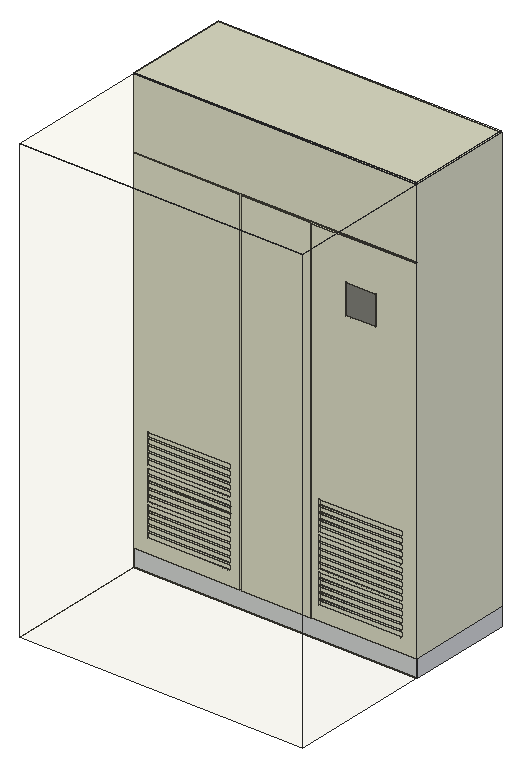
Revit family "FU   Fam-Elektro", category Electrical Fixtures, Revit 2016
Family settings
  Maintain Annotation Orientation = No
  Part Type = Normal
  Round Connector Dimension = Use Diameter
  OmniClass Number = 23.80.00.00
  OmniClass Title = Electric Power and Lighting
  Work Plane-Based = No
  Always vertical = Yes
  Cut with Voids When Loaded = No
  Shared = No
  Room Calculation Point = No
Parameters (values of type "Cabinet VFD G150 1600x 600x2400  IP43")
  socket_sichtbar [instance] = or((socket_100), (socket_200))  # yes
  socket_200 [instance] = no
  socket_100 [instance] = yes
  T = 600 mm
  Product data url = "https://bimobject.com/en-us/siemens/product/sinamics_frequency_converters_g120p_g150"
  Product Guid = "e03dd065-3347-4e71-9716-9838e1e99805"
  Edition number = 1
  Clearance [instance] = yes
  Rated Power / Rated Voltage = "560kW/380-480V & 500-560kW/500-600V & 710-800kW/660V-690V, for Application: Moving, Processing"
  Model = "Cabinet VFD G150 1600x 600x2000  IP43"
  Manufacturer = "Siemens AG"
  IFC Classification = "Electric Distribution"
  Hges [instance] = HU + H  # 2500 mm
  HU [instance] = if(socket_sichtbar, HSo, 0 mm)  # 100 mm
  HSo [instance] = if(socket_200, 200 mm, 100 mm)  # 100 mm
  H = 2400 mm
  Manufacturer = "Siemens AG"
  Cl_r_B [instance] = B + 100 mm + 150 mm + 500 mm  # 2350 mm
  Cl_o_H [instance] = if(H < 2400 mm, 2400 mm - H, 10 mm)  # 10 mm
  Cl_H_T [instance] = 950 mm
  B = 1600 mm
Types (12, lengths in mm): name | Rated Power / Rated Voltage | Model | Hges | H | Cl_r_B | Cl_o_H | B
  Cabinet VFD G150  800x 600x2000  IP20 | "110-160kW/380-480V & 110-200kW/500-600V & 75-315kW/660-690V, for Application: Moving, Processing\r\n110-160kW/380-480V & 110-200kW/500-600V & 75-315kW/660-690V, for Application: Moving, Processing" | "Cabinet VFD G150  800x 600x2000  IP20" | 2100 | 2000 | 1550 | 400 | 800
  Cabinet VFD G150 1000x 600x2000  IP20 | "200-250kW/380-480V,  for Application: Moving, Processing" | "Cabinet VFD G150 1000x 600x2000  IP20" | 2100 | 2000 | 1750 | 400 | 1000
  Cabinet VFD G150 1200x 600x2000  IP20 | "315-450kW/380-480V & 250-400kW/500-600V &400-560kW/660-690V, for Application: Moving, Processing" | "Cabinet VFD G150 1200x 600x2000  IP20" | 2100 | 2000 | 1950 | 400 | 1200
  Cabinet VFD G150 1600x 600x2000  IP20 | "560kW/380-480V & 500-560kW/500-600V & 710-800kW/660V-690V, for Application: Moving, Processing" | "Cabinet VFD G150 1600x 600x2000  IP20" | 2100 | 2000 | 2350 | 400 | 1600
  Cabinet VFD G120P 1000x 600x2300  IP20 | "110-250kW/380-480V, für Applikation: Pumping, Ventilation, Compressing" | "Cabinet VFD G120P 1000x 600x2300  IP20" | 2400 | 2300 | 1750 | 100 | 1000
  Cabinet VFD G120P 1200x 600x2300  IP20 | "315-560kW/380-480V & 500-630kW/500-690V, Pumping, Ventilation, Compressing" | "Cabinet VFD G120P 1200x 600x2300  IP20" | 2400 | 2300 | 1950 | 100 | 1200
  Cabinet VFD G120P 1000x 600x2400  IP43 | "110-250kW/380-480V, für Applikation: Pumping, Ventilation, Compressing" | "Cabinet VFD G120P 1000x 600x2400  IP43" | 2500 | 2400 | 1750 | 10 | 1000
  Cabinet VFD G120P 1200x 600x2400  IP43 | "315-560kW/380-480V & 500-630kW/500-690V, Pumping, Ventilation, Compressing" | "Cabinet VFD G120P 1200x 600x2400  IP43" | 2500 | 2400 | 1950 | 10 | 1200
  Cabinet VFD G150  800x 600x2400  IP43 | "110-160kW/380-480V & 110-200kW/500-600V & 75-315kW/660-690V, for Application: Moving, Processing\r\n110-160kW/380-480V & 110-200kW/500-600V & 75-315kW/660-690V, for Application: Moving, Processing" | "Cabinet VFD G150  800x 600x2400  IP43" | 2500 | 2400 | 1550 | 10 | 800
  Cabinet VFD G150 1000x 600x2400 IP43 | "200-250kW/380-480V,  for Application: Moving, Processing" | "Cabinet VFD G150 1000x 600x2000  IP43" | 2500 | 2400 | 1750 | 10 | 1000
  Cabinet VFD G150 1200x 600x2400  IP43 | "315-450kW/380-480V & 250-400kW/500-600V &400-560kW/660-690V, for Application: Moving, Processing" | "Cabinet VFD G150 1200x 600x2000  IP43" | 2500 | 2400 | 1950 | 10 | 1200
  Cabinet VFD G150 1600x 600x2400  IP43 | "560kW/380-480V & 500-560kW/500-600V & 710-800kW/660V-690V, for Application: Moving, Processing" | "Cabinet VFD G150 1600x 600x2000  IP43" | 2500 | 2400 | 2350 | 10 | 1600
Reference planes
  plane 1 "Mitte (Vorne/Hinten)": y = 0
  plane 2: z = 0
  plane 3 "Mitte (Links/Rechts)": x = 0
  plane 4 "Schrankunterkante": z = 100
  plane 5 "Hinterkant Schrank": y = 600
  plane 6: z = 2500
Forms (mm)
  Extrusion 1, solid, material "Glas unsichtbar", visible <- "Clearance"
    sketch origin (0, 0, 0) x (0, 1, 0) y (0, 0, 1)
      loop
        line (0, 2500) -> (-800, 2500) -> (-800, 0) -> (0, 0) -> (0, 2500)
    from 0 to 1600 <- "B"
  Extrusion 2, solid, visible <- "socket_sichtbar"
    sketch origin (0, 0, 0) x (0, 1, 0) y (0, 0, 1)
      loop
        line (600, 100) -> (10, 100) -> (10, 0) -> (600, 0) -> (600, 100)
    from 0 to 1600 <- "B"
  Extrusion 3, solid, material "Glas unsichtbar", visible <- "Clearance"
    sketch origin (0, -5930.661, 4152.693) x (0, 1, 0) y (0, 0, 1)
      loop
        line (6530.661, -1642.693) -> (5930.661, -1642.693) -> (5930.661, -1652.693) -> (6530.661, -1652.693) -> (6530.661, -1642.693)
    from 0 to 1600 <- "B"
Dimensions and locks
  locked: Extrusion 1 sketch curve to Extrusion 1 sketch curve at 800
  "HU": plane 4 "Schrankunterkante" to plane 2
  Extrusion 2 sketch curve to plane 1 "Mitte (Vorne/Hinten)" = 10 mm
  "T": Extrusion 2 sketch curve to plane 1 "Mitte (Vorne/Hinten)"
  "HSo": Extrusion 2 sketch curve to Extrusion 2 sketch curve
  "Hges": Extrusion 1 sketch curve to Extrusion 1 sketch curve
  "T": plane 5 "Hinterkant Schrank" to plane 1 "Mitte (Vorne/Hinten)"
  "T": Extrusion 3 sketch curve to Extrusion 3 sketch curve
  "Cl_o_H": Extrusion 3 sketch curve to Extrusion 3 sketch curve
  "Hges": plane 6 to level
  aligned and locked: level to plane 2
  aligned and locked: plane 2 to Extrusion 2 sketch curve
  aligned and locked: plane 1 "Mitte (Vorne/Hinten)" to Extrusion 1 sketch curve
  aligned and locked: Extrusion 3 to plane 6
  aligned and locked: plane 1 "Mitte (Vorne/Hinten)" to Extrusion 3
  aligned and locked: plane 4 "Schrankunterkante" to nested 1
  aligned and locked: plane 1 "Mitte (Vorne/Hinten)" to nested 1
  aligned and locked: plane 3 "Mitte (Links/Rechts)" to nested 1
Automatic sketch dimensions
  Extrusion 1 sketch curve to level = 0 mm
  plane 1 "Mitte (Vorne/Hinten)" to Extrusion 3 sketch curve = 0 mm
  Extrusion 3 sketch curve to plane 4 "Schrankunterkante" = 2400 mm
Nested families
  nested 1: "FU   Fam-Elektro - Basic" at (0, 0, 100), B <- "B", H <- "H", T <- "T", type "Test"
    with XB001 600 mm, X0002 1370 mm, X0001 1200 mm, Tuer_h 2000 mm, Tuer2 1000 mm, Tuer1 600 mm, T 600 mm, H 2400 mm, GZ_b 470 mm, GZ3_Ex_start 1050 mm, GZ3_Ex_ende 1520 mm, GZ2_Ex_start 565 mm, GZ2_Ex_ende 1035 mm, GZ1_Ex_ende 550 mm, GB 1440 mm, B 1600 mm
Definition of nested family "FU   Fam-Elektro - Basic"
  Parameters (values of type "test 2400")
    XB_AE = 500 mm
    XB002 = X0003 - 10 mm  # 1590 mm
    XB001 [instance] = 600 mm
    X2002 = 285 mm
    X2001 = 50 mm
    X0WS2 = 15 mm
    X0WS1 = 1 mm
    X0R01 = 20 mm
    X0005 = -8 mm
    X0004 = -10 mm
    X0003 = 1600 mm
    X0002 [instance] = X0001 + 170 mm  # 1370 mm
    X0001 [instance] = if(B < 1210 mm, (B / 2 + (B / 2 - 170 mm) / 2), if(B < 1410 mm, 1025 mm, 1200 mm))  # 1200 mm
    Tuer_h [instance] = if(H = 2400 mm, 2000 mm, 3500 mm)  # 2000 mm
    Tuer2 [instance] = if(B > 1200 mm, (if(B > 1590 mm, 1000 mm, 800 mm)), 2500 mm)  # 1000 mm
    Tuer1 [instance] = if(B < 1200 mm, B / 2, 600 mm)  # 600 mm
    T [instance] = 1200 mm
    Manufacturer = "Siemens AG"
    Leiste1-Tiefe = 10 mm
    Leiste1-Abstand oben = 90 mm
    IFC Classification = "Electric Distribution"
    H [instance] = 2400 mm
    Leiste1-Hoehe = 45 mm
    built-in parameter 1010108 = "Siemens AG"
    GZ_b [instance] = (B - (2 * GST_d) - (2 * GAB_l)) / 3  # 470 mm
    GZ_h = 30 mm
    GZ3_Ex_start [instance] = GZ2_Ex_ende + GST_d  # 1050 mm
    GZ3_Ex_ende [instance] = GZ3_Ex_start + GZ_b  # 1520 mm
    GZ2_Ex_start [instance] = GZ1_Ex_ende + GST_d  # 565 mm
    GZ2_Ex_ende [instance] = GZ2_Ex_start + GZ_b  # 1035 mm
    GZ1_Ex_ende [instance] = GZ_b + GAB_l  # 550 mm
    GST_d = 15 mm
    GST_s = 5 mm
    GH = GST_d + (8 * GST_s) + (10 * GZ_h)  # 355 mm
    GB [instance] = GZ_b * 3 + 2 * GST_d  # 1440 mm
    GAB_u = 80 mm
    GAB_l = 80 mm
    B [instance] = 1600 mm
  Types (2, lengths in mm): name | X0002 | X0001 | Tuer2 | Tuer1 | GZ_b | GZ3_Ex_start | GZ3_Ex_ende | GZ2_Ex_start | GZ2_Ex_ende | GZ1_Ex_ende | GB | B
    Test | 535 | 365 | 2500 | 300 | 136.667 | 383.333 | 520 | 231.667 | 368.333 | 216.667 | 440 | 600
    test 2400 | 1370 | 1200 | 1000 | 600 | 470 | 1050 | 1520 | 565 | 1035 | 550 | 1440 | 1600
  Reference planes
    plane 1 "Mitte (Vorne/Hinten)": y = 0
    plane 2: z = 0
    plane 3 "Mitte (Links/Rechts)": x = 0
    plane 4 "Bedienelemente": y = -500
    plane 5: z = 80
  Forms (mm)
    Extrusion 1, solid
      sketch origin (0, 0, 0) x (0, 1, 0) y (0, 0, 1)
        loop
          line (0, 0) -> (1200, 0) -> (1200, 2400) -> (0, 2400) -> (0, 0)
      from 0 to 1600 <- "B"
    Extrusion 2, void
      sketch origin (0, 951.61, -2102.238) x (0, 1, 0) y (0, 0, 1)
        loop
          line (-941.61, 3872.238) -> (-951.61, 3872.238) -> (-951.61, 3702.238) -> (-941.61, 3702.238) -> (-941.61, 3872.238)
      from 1200 <- "X0001" to 1370 <- "X0002"
    Extrusion 3, solid
      sketch origin (2063.516, 10, 1600) x (0, 0, 1) y (-1, 0, 0)
        loop
          line (0, 863.516) -> (0, 693.516) -> (170, 693.516) -> (170, 863.516) -> (0, 863.516)
      from 0 to 9
    Extrusion 4, void
      sketch origin (0, 0, 60) x (0, 1, 0) y (0, 0, 1)
        loop
          line (5, 20) -> (5, 50) -> (0, 50) -> (0, 20) -> (5, 20)
        loop
          line (5, 55) -> (5, 85) -> (0, 85) -> (0, 55) -> (5, 55)
        loop
          line (5, 90) -> (5, 120) -> (0, 120) -> (0, 90) -> (5, 90)
        loop
          line (5, 125) -> (5, 155) -> (0, 155) -> (0, 125) -> (5, 125)
        loop
          line (5, 160) -> (5, 190) -> (0, 190) -> (0, 160) -> (5, 160)
      from 80 <- "GAB_l" to 550 <- "GZ1_Ex_ende"
    Extrusion 5, void
      sketch origin (0, 0, 940) x (0, 1, 0) y (0, 0, 1)
        loop
          line (5, -675) -> (5, -645) -> (0, -645) -> (0, -675) -> (5, -675)
        loop
          line (5, -640) -> (5, -610) -> (0, -610) -> (0, -640) -> (5, -640)
        loop
          line (5, -605) -> (5, -575) -> (0, -575) -> (0, -605) -> (5, -605)
        loop
          line (5, -570) -> (5, -540) -> (0, -540) -> (0, -570) -> (5, -570)
        loop
          line (5, -535) -> (5, -505) -> (0, -505) -> (0, -535) -> (5, -535)
      from 80 <- "GAB_l" to 550 <- "GZ1_Ex_ende"
    Extrusion 6, void
      sketch origin (0, 0, 540) x (0, 1, 0) y (0, 0, 1)
        loop
          line (5, -460) -> (5, -430) -> (0, -430) -> (0, -460) -> (5, -460)
        loop
          line (5, -425) -> (5, -395) -> (0, -395) -> (0, -425) -> (5, -425)
        loop
          line (5, -390) -> (5, -360) -> (0, -360) -> (0, -390) -> (5, -390)
        loop
          line (5, -355) -> (5, -325) -> (0, -325) -> (0, -355) -> (5, -355)
        loop
          line (5, -320) -> (5, -290) -> (0, -290) -> (0, -320) -> (5, -320)
      from 1050 <- "GZ3_Ex_start" to 1520 <- "GZ3_Ex_ende"
    Extrusion 7, void
      sketch origin (0, 0, 840) x (0, 1, 0) y (0, 0, 1)
        loop
          line (5, -575) -> (5, -545) -> (0, -545) -> (0, -575) -> (5, -575)
        loop
          line (5, -540) -> (5, -510) -> (0, -510) -> (0, -540) -> (5, -540)
        loop
          line (5, -505) -> (5, -475) -> (0, -475) -> (0, -505) -> (5, -505)
        loop
          line (5, -470) -> (5, -440) -> (0, -440) -> (0, -470) -> (5, -470)
        loop
          line (5, -435) -> (5, -405) -> (0, -405) -> (0, -435) -> (5, -435)
      from 1050 <- "GZ3_Ex_start" to 1520 <- "GZ3_Ex_ende"
    Extrusion 8, void
      sketch origin (0, 0, 540) x (0, 1, 0) y (0, 0, 1)
        loop
          line (5, -90) -> (5, -60) -> (0, -60) -> (0, -90) -> (5, -90)
        loop
          line (5, -55) -> (5, -25) -> (0, -25) -> (0, -55) -> (5, -55)
        loop
          line (5, -20) -> (5, 10) -> (0, 10) -> (0, -20) -> (5, -20)
        loop
          line (5, 15) -> (5, 45) -> (0, 45) -> (0, 15) -> (5, 15)
        loop
          line (5, 50) -> (5, 80) -> (0, 80) -> (0, 50) -> (5, 50)
      from 80 <- "GAB_l" to 550 <- "GZ1_Ex_ende"
    Extrusion 9, void
      sketch origin (0, 0, 1200) x (0, 1, 0) y (0, 0, 1)
        loop
          line (5, -750) -> (5, -720) -> (0, -720) -> (0, -750) -> (5, -750)
        loop
          line (5, -715) -> (5, -685) -> (0, -685) -> (0, -715) -> (5, -715)
        loop
          line (5, -680) -> (5, -650) -> (0, -650) -> (0, -680) -> (5, -680)
        loop
          line (5, -645) -> (5, -615) -> (0, -615) -> (0, -645) -> (5, -645)
        loop
          line (5, -610) -> (5, -580) -> (0, -580) -> (0, -610) -> (5, -610)
      from 1050 <- "GZ3_Ex_start" to 1520 <- "GZ3_Ex_ende"
    Extrusion 10, void
      sketch origin (0, 0, 0) x (1, 0, 0) y (0, 1, 0)
        loop
          line (600, 0) -> (610, 0) -> (610, 10) -> (600, 10) -> (600, 0)
      from 0 to 2000 <- "Tuer_h"
    Extrusion 11, void
      sketch origin (0, 0, 0) x (1, 0, 0) y (0, 1, 0)
        loop
          line (1000, 0) -> (1010, 0) -> (1010, 10) -> (1000, 10) -> (1000, 0)
      from 0 to 2000 <- "Tuer_h"
    Extrusion 12, void
      sketch origin (0, 0, 0) x (0, 1, 0) y (0, 0, 1)
        loop
          line (10, 2000) -> (10, 2010) -> (0, 2010) -> (0, 2000) -> (10, 2000)
      from 0 to 2400
  Cuts and joins
    Extrusion 2, Extrusion 4, Extrusion 5, Extrusion 6, Extrusion 7, Extrusion 8, Extrusion 9, Extrusion 10, Extrusion 11, Extrusion 12 cuts Extrusion 1
  Dimensions and locks
    "T": Extrusion 1 sketch curve to Extrusion 1 sketch curve
    "H": Extrusion 1 sketch curve to Extrusion 1 sketch curve
    locked: Extrusion 2 sketch curve to Extrusion 2 sketch curve at 170
    locked: Extrusion 2 sketch curve to Extrusion 2 sketch curve at 10
    "X0003": Extrusion 1 to Extrusion 2
    locked: Extrusion 3 sketch curve to Extrusion 3 sketch curve at 170
    "XB_AE": plane 1 "Mitte (Vorne/Hinten)" to plane 4 "Bedienelemente"
    locked: cut or joined group 1 (Extrusion 1, Extrusion 2, Extrusion 4, Extrusion 5, Extrusion 6, Extrusion 7, Extrusion 8, Extrusion 9, Extrusion 10, Extrusion 11, Extrusion 12) to Extrusion 3 sketch curve at 170
    "GZ_h": Extrusion 4 sketch curve to Extrusion 4 sketch curve  (x5)
    locked: Extrusion 4 sketch curve to Extrusion 4 sketch curve at 5
    "GST_s": Extrusion 4 sketch curve to Extrusion 4 sketch curve  (x4)
    "GAB_u": plane 5 to level
    "GZ_h": Extrusion 5 sketch curve to Extrusion 5 sketch curve  (x5)
    locked: Extrusion 5 sketch curve to Extrusion 5 sketch curve at 5
    "GST_s": Extrusion 5 sketch curve to Extrusion 5 sketch curve  (x4)
    "GST_d": cut or joined group 1 to cut or joined group 1  (x4)
    "GZ_h": Extrusion 6 sketch curve to Extrusion 6 sketch curve  (x5)
    locked: Extrusion 6 sketch curve to Extrusion 6 sketch curve at 5
    "GST_s": Extrusion 6 sketch curve to Extrusion 6 sketch curve  (x4)
    "GZ_h": Extrusion 7 sketch curve to Extrusion 7 sketch curve  (x5)
    locked: Extrusion 7 sketch curve to Extrusion 7 sketch curve at 5
    "GST_s": Extrusion 7 sketch curve to Extrusion 7 sketch curve  (x4)
    "GZ_h": Extrusion 8 sketch curve to Extrusion 8 sketch curve  (x5)
    locked: Extrusion 8 sketch curve to Extrusion 8 sketch curve at 5
    "GST_s": Extrusion 8 sketch curve to Extrusion 8 sketch curve  (x4)
    "GZ_h": Extrusion 9 sketch curve to Extrusion 9 sketch curve  (x5)
    locked: Extrusion 9 sketch curve to Extrusion 9 sketch curve at 5
    "GST_s": Extrusion 9 sketch curve to Extrusion 9 sketch curve  (x4)
    locked: Extrusion 10 sketch curve to Extrusion 10 sketch curve at 10  (x2)
    "Tuer1": cut or joined group 1 to Extrusion 10 sketch curve
    locked: Extrusion 11 sketch curve to Extrusion 11 sketch curve at 10  (x2)
    "Tuer2": cut or joined group 1 to Extrusion 11 sketch curve
    locked: Extrusion 12 sketch curve to Extrusion 12 sketch curve at 10  (x2)
    "Tuer_h": cut or joined group 1 to Extrusion 12 sketch curve
    aligned and locked: level to plane 2
    aligned and locked: level to Extrusion 1 sketch curve
    aligned and locked: Extrusion 1 to Extrusion 2
    aligned and locked: Extrusion 3 to cut or joined group 1  (x2)
    aligned and locked: plane 1 "Mitte (Vorne/Hinten)" to Extrusion 4 sketch curve
    aligned and locked: Extrusion 4 sketch curve to Extrusion 4 sketch curve  (x4)
    aligned and locked: cut or joined group 1 to plane 5  (x2)
    aligned and locked: Extrusion 5 sketch curve to Extrusion 5 sketch curve  (x4)
    aligned and locked: Extrusion 6 sketch curve to Extrusion 6 sketch curve  (x4)
    aligned and locked: Extrusion 7 sketch curve to Extrusion 7 sketch curve  (x4)
    aligned and locked: Extrusion 8 sketch curve to Extrusion 8 sketch curve  (x4)
    aligned and locked: Extrusion 9 sketch curve to Extrusion 9 sketch curve  (x4)
    aligned and locked: cut or joined group 1 to Extrusion 10 sketch curve
    aligned and locked: cut or joined group 1 to Extrusion 11 sketch curve
    aligned and locked: cut or joined group 1 to Extrusion 12 sketch curve
  Automatic sketch dimensions
    Extrusion 1 sketch curve to plane 1 "Mitte (Vorne/Hinten)" = 0 mm
    Extrusion 2 sketch curve to plane 1 "Mitte (Vorne/Hinten)" = 0 mm
    plane 5 to Extrusion 2 sketch curve = 1520 mm
    Extrusion 3 sketch curve to Extrusion 2 = 0 mm  (x2)
    Extrusion 4 sketch curve to plane 1 "Mitte (Vorne/Hinten)" = 0 mm  (x4)
    Extrusion 4 sketch curve to plane 5 = 0 mm
    Extrusion 5 sketch curve to plane 1 "Mitte (Vorne/Hinten)" = 0 mm  (x5)
    plane 5 to Extrusion 5 sketch curve = 185 mm
    Extrusion 6 sketch curve to plane 1 "Mitte (Vorne/Hinten)" = 0 mm  (x5)
    Extrusion 6 sketch curve to plane 5 = 0 mm
    Extrusion 7 sketch curve to plane 1 "Mitte (Vorne/Hinten)" = 0 mm  (x5)
    plane 5 to Extrusion 7 sketch curve = 185 mm
    Extrusion 8 sketch curve to plane 1 "Mitte (Vorne/Hinten)" = 0 mm  (x5)
    plane 5 to Extrusion 8 sketch curve = 370 mm
    Extrusion 9 sketch curve to plane 1 "Mitte (Vorne/Hinten)" = 0 mm  (x5)
    plane 5 to Extrusion 9 sketch curve = 370 mm
